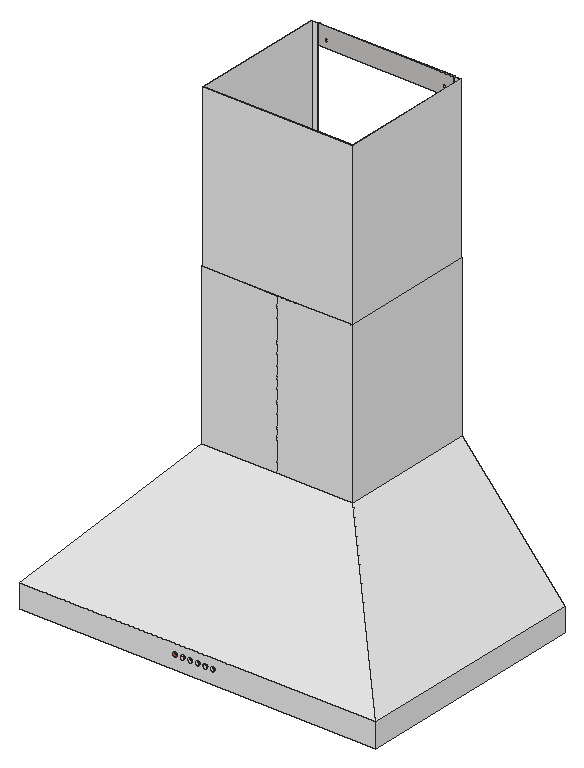
Revit family "FP_Revit_18_HC30PCW1_Rangehood_90001877A", category Specialty Equipment, Revit 2018
Family settings
  Round Connector Dimension = Use Diameter
  Part Type = Normal
  OmniClass Number = 23.40.40.00
  OmniClass Title = Food Service Equipment and Furnishings
  Work Plane-Based = No
  Always vertical = Yes
  Cut with Voids When Loaded = Yes
  Shared = No
  Room Calculation Point = No
Parameters (values of type "HC30PCW1")
  Visibility - Upper Chimney Extension [instance] = yes
  URL = "www.fisherpaykel.com"
  Product - Width = 755 mm  # constant formula
  Product - Height (636mm - 975mm) Ducted [instance] = 975 mm
  Product - Depth = 500 mm  # constant formula
  Model = "HC30PCW1"
  Material - COLOUR CHANGE = Fisher & Paykel - White
  Material - Buttons and Dials = Fisher & Paykel - Steel, Chrome Plated
  Material - Body = Fisher & Paykel - Stainless Steel
  Manufacturer = "Fisher & Paykel Appliances"
  FFL Offset [instance] = 1565 mm
  Description = "30\" Rangehood"
  Connector Description - Extraction = "6” (152 mm) diameter, rigid or semi-rigid ducting, 600 CFM"
  Connector Description - Electrical = "120 V, 60 Hz"
  Chassis - Width = 320 mm  # constant formula
  Chassis - Height = 298 mm  # constant formula
  Chassis - Depth = 290 mm  # constant formula
Types (5, lengths in mm): name | Model | Material - COLOUR CHANGE
  (no name) | "HC30PCW1" | Fisher & Paykel - White
  HC30PCB1 | "HC30PCB1" | Fisher & Paykel - Black
  HC30PCR1 | "HC30PCR1" | Fisher & Paykel - Red
  HC30PCX1 | "HC30PCX1" | Fisher & Paykel - Stainless Steel
  HC30PCW1 | "HC30PCW1" | Fisher & Paykel - White
Reference planes
  plane 1 "Datum": y = 0
  plane 2: z = 0
  plane 3 "Center (Left/Right)": x = 0
  plane 4 "Product - Height": z = 2540
  plane 5 "Product LHS": x = -377.5
  plane 6 "Product RHS": x = 377.5
  plane 7 "Product - Depth": y = -500
  plane 8 "Cavity LHS": x = -160
  plane 9 "Cavity RHS": x = 160
  plane 10 "Chassis - Depth": y = -290
  plane 11 "FFL Offset": z = 1565
  plane 12 "Chassis - Height": z = 1863
Forms (mm)
  Extrusion 1, solid, material "Fisher & Paykel - White" <- "Material - COLOUR CHANGE"
    sketch origin (0, 0, 0) x (1, 0, 0) y (0, 1, 0)
      loop
        line (-145, 0) -> (-160, 0) -> (-160, -290) -> (0, -290) -> (160, -290) -> (160, 0) -> (145, 0) -> (145, -1) -> (159, -1) -> (159, -289) -> (-159, -289) -> (-159, -1) -> (-145, -1) -> (-145, 0)
    from 1863 to 2200
  Extrusion 2, solid, material "Fisher & Paykel - White" <- "Material - COLOUR CHANGE", visible <- "Visibility - Upper Chimney Extension"
    sketch origin (0, 0, 0) x (1, 0, 0) y (0, 1, 0)
      loop
        line (-158, -2) -> (-145, -2) -> (-145, -1) -> (-159, -1) -> (-159, -289) -> (159, -289) -> (159, -1) -> (145, -1) -> (145, -2) -> (158, -2) -> (158, -288.044) -> (-158, -288.044) -> (-158, -2)
    from 2190 to 2540
  Extrusion 3, solid, material "Fisher & Paykel - Stainless Steel" <- "Material - Body"
    sketch origin (0, 0, 0) x (1, 0, 0) y (0, 1, 0)
      loop
        circle (0, -87.6) r 75
      loop
        circle (0, -87.6) r 74
    from 1850 to 1897.007
  Extrusion 4, solid, material "Fisher & Paykel - Stainless Steel" <- "Material - Body", visible <- "Visibility - Upper Chimney Extension"
    sketch origin (0, 0, 7) x (1, 0, 0) y (0, 0, 1)
      loop
        line (-145, 2491.596) -> (145, 2491.596) -> (145, 2533) -> (-145, 2533) -> (-145, 2491.596)
      loop
        circle (125, 2508) r 2.5
      loop
        circle (-125, 2508) r 2.5
    from 0 to 2
  Extrusion 5, solid, material "Fisher & Paykel - Steel, Chrome Plated" <- "Material - Buttons and Dials", detail levels fine
    sketch origin (0, 0, 565) x (1, 0, 0) y (0, 0, 1)
      loop
        circle (-32, 1029.1) r 3.958
      loop
        circle (-16, 1029.1) r 3.958
      loop
        circle (0, 1029.1) r 3.958
      loop
        circle (16, 1029.1) r 3.958
      loop
        circle (32, 1029.1) r 3.958
    from 501 to 500
  Extrusion 6, void
    sketch origin (0, 0, 0) x (1, 0, 0) y (0, 1, 0)
      loop
        line (-285.2, -479.9) -> (285.2, -479.9) -> (285.2, -89.9) -> (-285.2, -89.9) -> (-285.2, -479.9)
      loop
        circle (-207.5, -42) r 25
      loop
        circle (207.5, -42) r 25
    from 1565 to 1574
  Extrusion 7, solid, material "Fisher & Paykel - Stainless Steel" <- "Material - Body", detail levels fine
    sketch origin (0, 0, 0) x (1, 0, 0) y (0, 1, 0)
      loop
        line (0.5, -89.9) -> (0.5, -479.9) -> (285.2, -479.9) -> (285.2, -89.9) -> (0.5, -89.9)
      loop
        line (275.525, -469.9) -> (275.525, -99.9) -> (10.175, -99.9) -> (10.175, -469.9) -> (110.35, -469.9) -> (110.35, -409.9) -> (175.35, -409.9) -> (175.35, -469.9) -> (275.525, -469.9)
      loop
        line (127.25, -428.3) -> (127.25, -468.3) -> (158.45, -468.3) -> (158.45, -428.3) -> (127.25, -428.3)
      loop
        line (132.45, -433.5) -> (132.45, -463.1) -> (153.25, -463.1) -> (153.25, -433.5) -> (132.45, -433.5)
      loop
        line (132.65, -442.6) -> (132.65, -462.9) -> (153.05, -462.9) -> (153.05, -442.6) -> (132.65, -442.6)
      loop
        line (126.25, -427.3) -> (126.25, -469.3) -> (159.45, -469.3) -> (159.45, -427.3) -> (126.25, -427.3)
      loop
        line (-0.5, -89.9) -> (-285.2, -89.9) -> (-285.2, -479.9) -> (-0.5, -479.9) -> (-0.5, -89.9)
      loop
        line (-275.525, -469.9) -> (-175.35, -469.9) -> (-175.35, -409.9) -> (-110.35, -409.9) -> (-110.35, -469.9) -> (-10.175, -469.9) -> (-10.175, -99.9) -> (-275.525, -99.9) -> (-275.525, -469.9)
      loop
        line (-127.25, -428.3) -> (-158.45, -428.3) -> (-158.45, -468.3) -> (-127.25, -468.3) -> (-127.25, -428.3)
      loop
        line (-132.45, -433.5) -> (-153.25, -433.5) -> (-153.25, -463.1) -> (-132.45, -463.1) -> (-132.45, -433.5)
      loop
        line (-132.65, -442.6) -> (-153.05, -442.6) -> (-153.05, -462.9) -> (-132.65, -462.9) -> (-132.65, -442.6)
      loop
        line (-126.25, -427.3) -> (-159.45, -427.3) -> (-159.45, -469.3) -> (-126.25, -469.3) -> (-126.25, -427.3)
    from 1566 to 1574
  Extrusion 8, solid, material "Fisher & Paykel - Aluminium", detail levels medium+fine
    sketch origin (0, 0, 0) x (1, 0, 0) y (0, 1, 0)
      loop
        line (10.175, -99.9) -> (10.175, -469.9) -> (110.35, -469.9) -> (110.35, -409.9) -> (175.35, -409.9) -> (175.35, -469.9) -> (275.525, -469.9) -> (275.525, -99.9) -> (10.175, -99.9)
      loop
        line (-10.175, -99.9) -> (-275.525, -99.9) -> (-275.525, -469.9) -> (-175.35, -469.9) -> (-175.35, -409.9) -> (-110.35, -409.9) -> (-110.35, -469.9) -> (-10.175, -469.9) -> (-10.175, -99.9)
    from 1566 to 1574
  Extrusion 9, void
    sketch origin (0, 0, 0) x (1, 0, 0) y (0, 0, 1)
      loop
        line (-377.5, 1863) -> (-377.5, 1615) -> (-160, 1863) -> (-377.5, 1863)
      loop
        line (377.5, 1863) -> (160, 1863) -> (377.5, 1615) -> (377.5, 1863)
    from 0 to 500
  Extrusion 10, solid, material "Fisher & Paykel - White" <- "Material - COLOUR CHANGE"
    sketch origin (0, 0, 0) x (0, 1, 0) y (0, 0, 1)
      loop
        line (-500, 1565) -> (0, 1565) -> (0, 1863) -> (-290, 1863) -> (-500, 1615) -> (-500, 1565)
    from -377.5 to 377.5
  Extrusion 11, solid, material "Fisher & Paykel - Stainless Steel" <- "Material - Body", detail levels medium+fine
    sketch origin (0, 0, 0) x (1, 0, 0) y (0, 1, 0)
      loop
        circle (90.933, -33) r 3
    from 1897.007 to 1850
  Extrusion 12, solid, material "Fisher & Paykel - Steel, Chrome Plated" <- "Material - Buttons and Dials", detail levels medium+fine
    sketch origin (0, 0, 0) x (1, 0, 0) y (0, 1, 0)
      loop
        circle (-207.5, -42) r 25
      loop
        circle (-207.5, -42) r 22
      loop
        circle (207.5, -42) r 25
      loop
        circle (207.5, -42) r 22
    from 1565 to 1574
  Extrusion 13, solid, material "Fisher & Paykel - White Bezel", detail levels fine
    sketch origin (0, 0, 0) x (1, 0, 0) y (0, 1, 0)
      loop
        circle (-207.5, -42) r 22
      loop
        circle (207.5, -42) r 22
    from 1565 to 1574
  Extrusion 14, void
    sketch origin (0, 0, 0) x (1, 0, 0) y (0, 0, 1)
      loop
        circle (254, 1612) r 2.5
      loop
        circle (125, 1859) r 2.5
      loop
        circle (-254, 1610) r 2.5
      loop
        circle (-125, 1859) r 2.5
    from 0 to 7
  Extrusion 15, solid, material "Fisher & Paykel - Stainless Steel" <- "Material - Body"
    sketch origin (0, 0, 0) x (1, 0, 0) y (0, 0, 1)
      loop
        line (-145, 2183) -> (-145, 2143) -> (145, 2143) -> (145, 2183) -> (-145, 2183)
      loop
        circle (125, 2161) r 2.5
      loop
        circle (-125, 2161) r 2.5
    from 0 to 2
  Extrusion 16, void
    sketch origin (0, 0, 0) x (1, 0, 0) y (0, 1, 0)
      loop
        line (-159, -289) -> (159, -289) -> (159, -2) -> (-159, -2) -> (-159, -289)
    from 1850 to 1863
  Extrusion 17, solid, material "Fisher & Paykel - Bezel Red", detail levels fine
    sketch origin (0, 0, 0) x (1, 0, 0) y (0, 0, 1)
      loop
        circle (-48, 1594.1) r 4.044
    from 500 to 501
Cuts and joins
  Extrusion 6, Extrusion 9, Extrusion 14, Extrusion 16 cuts Extrusion 10
  joined: Extrusion 1, Extrusion 10
  Extrusion 14 cuts Extrusion 4
  Extrusion 14 cuts Extrusion 15
Text (mm)
  text "Due to ongoing product development, product details are subject to change without notice. \nPlease always refer to www.fisherpaykel.com for the most current product information. \n© Fisher & Paykel 2020" at (41.04, -1225.549, 0), in view "Ref. Level (Plan)"
Dimensions and locks
  equal spacing: plane 5 "Product LHS", plane 3 "Center (Left/Right)", plane 6 "Product RHS"
  equal spacing: plane 8 "Cavity LHS", plane 3 "Center (Left/Right)", plane 9 "Cavity RHS"
  "Chassis - Width": plane 8 "Cavity LHS" to plane 9 "Cavity RHS"
  locked: Extrusion 1 sketch curve to Extrusion 1 sketch curve at 1  (x3)
  "FFL Offset": plane 11 "FFL Offset" to level
  "Product - Height (636mm - 975mm) Ducted": plane 4 "Product - Height" to plane 11 "FFL Offset"
  locked: Extrusion 8 to plane 11 "FFL Offset" at 9
  locked: Extrusion 7 to plane 11 "FFL Offset" at 1
  locked: Extrusion 1 to plane 11 "FFL Offset" at 635
  "Chassis - Depth": plane 10 "Chassis - Depth" to plane 1 "Datum"
  "Product - Width": plane 5 "Product LHS" to plane 6 "Product RHS"
  "Product - Depth": plane 1 "Datum" to plane 7 "Product - Depth"
  "Chassis - Height": plane 12 "Chassis - Height" to plane 11 "FFL Offset"
  locked: plane 11 "FFL Offset" to Extrusion 14 sketch curve at 294
  locked: plane 4 "Product - Height" to Extrusion 2 at 350
  locked: Extrusion 3 to plane 11 "FFL Offset" at 332.007
  locked: plane 11 "FFL Offset" to cut or joined group of Extrusion 1, Extrusion 6, Extrusion 9, Extrusion 10, Extrusion 14, Extrusion 16 at 285
  locked: plane 11 "FFL Offset" to cut or joined group of Extrusion 14, Extrusion 15 at 596
  locked: plane 11 "FFL Offset" to cut or joined group of Extrusion 14, Extrusion 15 at 618
  locked: plane 11 "FFL Offset" to cut or joined group of Extrusion 14, Extrusion 15 at 578
  cut or joined group of Extrusion 4, Extrusion 14 to plane 4 "Product - Height" = 41.404 mm
  locked: cut or joined group of Extrusion 4, Extrusion 14 to plane 4 "Product - Height" at 25
  locked: plane 11 "FFL Offset" to cut or joined group of Extrusion 1, Extrusion 6, Extrusion 9, Extrusion 10, Extrusion 14, Extrusion 16 at 294
  locked: plane 11 "FFL Offset" to Extrusion 14 sketch curve at 47
  locked: plane 11 "FFL Offset" to cut or joined group of Extrusion 1, Extrusion 6, Extrusion 9, Extrusion 10, Extrusion 14, Extrusion 16 at 47
  locked: Extrusion 7 sketch curve to plane 3 "Center (Left/Right)" at 285.2
  locked: plane 3 "Center (Left/Right)" to Extrusion 7 sketch curve at 285.2
  aligned and locked: level to plane 2
  aligned and locked: Extrusion 1 sketch curve to plane 8 "Cavity LHS"
  aligned and locked: plane 9 "Cavity RHS" to Extrusion 1 sketch curve
  aligned and locked: plane 10 "Chassis - Depth" to Extrusion 1 sketch curve
  aligned and locked: plane 4 "Product - Height" to Extrusion 2
  aligned and locked: Extrusion 10 to plane 6 "Product RHS"
  aligned and locked: plane 5 "Product LHS" to Extrusion 10
  aligned and locked: Extrusion 7 to Extrusion 8  (x2)
  aligned and locked: Extrusion 6 to Extrusion 7
  aligned and locked: cut or joined group of Extrusion 1, Extrusion 6, Extrusion 9, Extrusion 10, Extrusion 14, Extrusion 16 to plane 11 "FFL Offset"
  aligned and locked: Extrusion 12 to Extrusion 7
  aligned and locked: Extrusion 13 to Extrusion 7
  aligned and locked: Extrusion 13 to plane 11 "FFL Offset"
  aligned and locked: Extrusion 12 to plane 11 "FFL Offset"
  aligned and locked: plane 4 "Product - Height" to Extrusion 4
  aligned and locked: Extrusion 1 to plane 12 "Chassis - Height"
  aligned and locked: plane 7 "Product - Depth" to Extrusion 5
  aligned and locked: plane 7 "Product - Depth" to Extrusion 17
  aligned and locked: Extrusion 16 to Extrusion 1
  aligned and locked: cut or joined group of Extrusion 1, Extrusion 6, Extrusion 9, Extrusion 10, Extrusion 14, Extrusion 16 to Extrusion 3
  aligned and locked: Extrusion 3 to Extrusion 11
  aligned and locked: cut or joined group of Extrusion 1, Extrusion 6, Extrusion 9, Extrusion 10, Extrusion 14, Extrusion 16 to Extrusion 11
  aligned and locked: cut or joined group of Extrusion 4, Extrusion 14 to Extrusion 2
  aligned and locked: cut or joined group of Extrusion 14, Extrusion 15 to Extrusion 2
  aligned and locked: Extrusion 8 sketch curve to Extrusion 7  (x2)
Automatic sketch dimensions
  Extrusion 2 sketch curve to plane 8 "Cavity LHS" = 1 mm
  Extrusion 2 sketch curve to Extrusion 2 sketch curve = 1 mm
  plane 1 "Datum" to Extrusion 2 sketch curve = 2 mm  (x2)
  Extrusion 2 sketch curve to Extrusion 2 sketch curve = 13 mm
  plane 9 "Cavity RHS" to Extrusion 2 sketch curve = 15 mm
  plane 9 "Cavity RHS" to Extrusion 2 sketch curve = 2 mm
  plane 9 "Cavity RHS" to Extrusion 2 sketch curve = 1 mm
  plane 10 "Chassis - Depth" to Extrusion 2 sketch curve = 1.956 mm
  plane 10 "Chassis - Depth" to Extrusion 2 sketch curve = 1 mm
  plane 1 "Datum" to Extrusion 2 sketch curve = 1 mm  (x2)
  Extrusion 4 sketch curve to plane 4 "Product - Height" = 0 mm
  Extrusion 4 sketch curve to plane 8 "Cavity LHS" = 15 mm
  Extrusion 4 sketch curve to plane 8 "Cavity LHS" = 35 mm
  plane 9 "Cavity RHS" to Extrusion 4 sketch curve = 35 mm
  plane 9 "Cavity RHS" to Extrusion 4 sketch curve = 15 mm
  Extrusion 4 sketch curve to plane 4 "Product - Height" = 25 mm  (x2)
  Extrusion 4 sketch curve to Extrusion 4 sketch curve = 16.404 mm
  Extrusion 6 sketch curve to plane 5 "Product LHS" = 92.3 mm
  plane 8 "Cavity LHS" to Extrusion 6 sketch curve = 47.5 mm
  plane 6 "Product RHS" to Extrusion 6 sketch curve = 92.3 mm
  plane 7 "Product - Depth" to Extrusion 6 sketch curve = 20.1 mm
  plane 1 "Datum" to Extrusion 6 sketch curve = 89.9 mm
  plane 1 "Datum" to Extrusion 6 sketch curve = 42 mm  (x2)
  plane 9 "Cavity RHS" to Extrusion 11 sketch curve = 69.067 mm
  plane 10 "Chassis - Depth" to Extrusion 11 sketch curve = 257 mm
  Extrusion 12 sketch curve to Extrusion 12 sketch curve = 0 mm  (x4)
  plane 8 "Cavity LHS" to Extrusion 12 sketch curve = 47.5 mm
  Extrusion 12 sketch curve to plane 9 "Cavity RHS" = 47.5 mm
  plane 1 "Datum" to Extrusion 12 sketch curve = 42 mm  (x2)
  plane 8 "Cavity LHS" to Extrusion 13 sketch curve = 47.5 mm
  Extrusion 13 sketch curve to plane 9 "Cavity RHS" = 47.5 mm
  plane 1 "Datum" to Extrusion 13 sketch curve = 42 mm  (x2)
  plane 11 "FFL Offset" to Extrusion 14 sketch curve = 45 mm
  plane 8 "Cavity LHS" to Extrusion 14 sketch curve = 94 mm
  Extrusion 14 sketch curve to plane 12 "Chassis - Height" = 4 mm
  Extrusion 14 sketch curve to plane 8 "Cavity LHS" = 35 mm
  plane 9 "Cavity RHS" to Extrusion 14 sketch curve = 35 mm
  Extrusion 14 sketch curve to plane 9 "Cavity RHS" = 94 mm
  Extrusion 15 sketch curve to plane 8 "Cavity LHS" = 15 mm
  Extrusion 15 sketch curve to plane 8 "Cavity LHS" = 35 mm
  plane 9 "Cavity RHS" to Extrusion 15 sketch curve = 35 mm
  plane 9 "Cavity RHS" to Extrusion 15 sketch curve = 15 mm
  plane 12 "Chassis - Height" to Extrusion 15 sketch curve = 280 mm
  Extrusion 15 sketch curve to Extrusion 15 sketch curve = 18 mm  (x2)
  Extrusion 15 sketch curve to Extrusion 15 sketch curve = 22 mm
  plane 1 "Datum" to Extrusion 1 sketch curve = 0 mm  (x2)
  Extrusion 1 sketch curve to plane 3 "Center (Left/Right)" = 0 mm
  plane 1 "Datum" to Extrusion 1 sketch curve = 1 mm  (x2)
  Extrusion 1 sketch curve to Extrusion 1 sketch curve = 14 mm  (x2)
  Extrusion 10 sketch curve to plane 7 "Product - Depth" = 0 mm
  Extrusion 10 sketch curve to plane 12 "Chassis - Height" = 0 mm
  Extrusion 10 sketch curve to plane 10 "Chassis - Depth" = 0 mm
  Extrusion 10 sketch curve to plane 1 "Datum" = 0 mm
  Extrusion 10 sketch curve to plane 11 "FFL Offset" = 0 mm
  Extrusion 10 sketch curve to Extrusion 10 sketch curve = 50 mm
  plane 5 "Product LHS" to Extrusion 9 sketch curve = 0 mm
  plane 8 "Cavity LHS" to Extrusion 9 sketch curve = 0 mm
  plane 9 "Cavity RHS" to Extrusion 9 sketch curve = 0 mm
  plane 6 "Product RHS" to Extrusion 9 sketch curve = 0 mm
  Extrusion 9 sketch curve to plane 12 "Chassis - Height" = 0 mm  (x2)
  plane 11 "FFL Offset" to Extrusion 9 sketch curve = 50 mm  (x2)
  Extrusion 5 sketch curve to plane 3 "Center (Left/Right)" = 0 mm
  Extrusion 5 sketch curve to plane 3 "Center (Left/Right)" = 16 mm
  Extrusion 5 sketch curve to Extrusion 5 sketch curve = 16 mm  (x3)
  plane 11 "FFL Offset" to Extrusion 5 sketch curve = 29.1 mm
  Extrusion 5 sketch curve to Extrusion 5 sketch curve = 0 mm  (x4)
  Extrusion 17 sketch curve to plane 3 "Center (Left/Right)" = 48 mm
  plane 11 "FFL Offset" to Extrusion 17 sketch curve = 29.1 mm
  Extrusion 3 sketch curve to Extrusion 3 sketch curve = 0 mm  (x2)
  plane 1 "Datum" to Extrusion 3 sketch curve = 87.6 mm
  plane 6 "Product RHS" to Extrusion 3 sketch curve = 377.5 mm
  plane 1 "Datum" to Extrusion 16 sketch curve = 2 mm
  Extrusion 16 sketch curve to plane 8 "Cavity LHS" = 1 mm
  plane 9 "Cavity RHS" to Extrusion 16 sketch curve = 1 mm
  plane 10 "Chassis - Depth" to Extrusion 16 sketch curve = 1 mm
  plane 7 "Product - Depth" to Extrusion 7 sketch curve = 20.1 mm
  Extrusion 7 sketch curve to Extrusion 7 sketch curve = 9.675 mm  (x2)
  plane 8 "Cavity LHS" to Extrusion 7 sketch curve = 15.35 mm
  Extrusion 7 sketch curve to plane 8 "Cavity LHS" = 0.55 mm
  Extrusion 7 sketch curve to Extrusion 7 sketch curve = 1 mm  (x7)
  Extrusion 7 sketch curve to plane 8 "Cavity LHS" = 6.75 mm
  Extrusion 7 sketch curve to plane 8 "Cavity LHS" = 6.95 mm
  Extrusion 7 sketch curve to Extrusion 7 sketch curve = 20.4 mm
  Extrusion 7 sketch curve to Extrusion 7 sketch curve = 0.2 mm  (x4)
  Extrusion 7 sketch curve to Extrusion 7 sketch curve = 5.2 mm  (x6)
  Extrusion 7 sketch curve to Extrusion 7 sketch curve = 15.9 mm  (x2)
  Extrusion 7 sketch curve to plane 3 "Center (Left/Right)" = 10.175 mm
  Extrusion 7 sketch curve to plane 3 "Center (Left/Right)" = 0.5 mm
  plane 3 "Center (Left/Right)" to Extrusion 7 sketch curve = 0.5 mm
  plane 3 "Center (Left/Right)" to Extrusion 7 sketch curve = 10.175 mm
  plane 9 "Cavity RHS" to Extrusion 7 sketch curve = 49.65 mm
  plane 9 "Cavity RHS" to Extrusion 7 sketch curve = 6.95 mm
  plane 9 "Cavity RHS" to Extrusion 7 sketch curve = 6.75 mm
  plane 9 "Cavity RHS" to Extrusion 7 sketch curve = 1.55 mm
  plane 9 "Cavity RHS" to Extrusion 7 sketch curve = 0.55 mm
  Extrusion 7 sketch curve to plane 9 "Cavity RHS" = 15.35 mm
  Extrusion 7 sketch curve to Extrusion 7 sketch curve = 0 mm
  Extrusion 7 sketch curve to Extrusion 7 sketch curve = 10 mm  (x6)
  Extrusion 7 sketch curve to Extrusion 7 sketch curve = 0.6 mm  (x2)
  Extrusion 7 sketch curve to Extrusion 7 sketch curve = 20.3 mm  (x2)
  Extrusion 7 sketch curve to Extrusion 7 sketch curve = 9.1 mm  (x2)
  Extrusion 7 sketch curve to Extrusion 7 sketch curve = 17.4 mm  (x2)
  plane 1 "Datum" to Extrusion 7 sketch curve = 99.9 mm  (x2)
  plane 8 "Cavity LHS" to Extrusion 8 sketch curve = 15.35 mm
  Extrusion 8 sketch curve to plane 8 "Cavity LHS" = 49.65 mm
  Extrusion 8 sketch curve to plane 3 "Center (Left/Right)" = 10.175 mm
  plane 3 "Center (Left/Right)" to Extrusion 8 sketch curve = 10.175 mm
  plane 9 "Cavity RHS" to Extrusion 8 sketch curve = 49.65 mm
  Extrusion 8 sketch curve to plane 9 "Cavity RHS" = 15.35 mm
  plane 7 "Product - Depth" to Extrusion 8 sketch curve = 30.1 mm  (x4)
  Extrusion 8 sketch curve to Extrusion 8 sketch curve = 60 mm  (x2)
  plane 1 "Datum" to Extrusion 8 sketch curve = 99.9 mm
  Extrusion 8 sketch curve to Extrusion 8 sketch curve = 0 mm
  Extrusion 6 sketch curve to plane 9 "Cavity RHS" = 47.5 mm
  radius of Extrusion 4 sketch curve = 2.5 mm  (x2)
  radius of Extrusion 6 sketch curve = 25 mm  (x2)
  radius of Extrusion 11 sketch curve = 3 mm
  radius of Extrusion 12 sketch curve = 25 mm  (x2)
  radius of Extrusion 12 sketch curve = 22 mm  (x2)
  radius of Extrusion 13 sketch curve = 22 mm  (x2)
  radius of Extrusion 14 sketch curve = 2.5 mm  (x4)
  radius of Extrusion 15 sketch curve = 2.5 mm  (x2)
  radius of Extrusion 5 sketch curve = 3.958 mm  (x5)
  radius of Extrusion 17 sketch curve = 4.044 mm
  radius of Extrusion 3 sketch curve = 75 mm
  radius of Extrusion 3 sketch curve = 74 mm
Connectors
  hvac at (0, -87.6, 1897.007), driven by "Connector Description - Extraction"
    settings: on Extrusion 3, index 1, duct flow 0.0 L/s, flow factor 0, pres drop 0.0 Pa, loss coef 0, conn angle 0.00°, conn width 304.8 mm, conn height 304.8 mm, conn diameter 150 mm, duct sys type 4, conn prof type 0, flow config 0, flow direction 2, loss method 0, conn ref index -1, conn util no, is conn primary yes, conn desc "6” (152 mm) diameter, rigid or semi-rigid ducting, 600 CFM"
  electrical at (90.933, -33, 1850), driven by "Connector Description - Electrical"
    settings: on Extrusion 11, index 2, voltage 120 V, apparent load 0 VA, apparent load phase1 0 VA, apparent load phase2 0 VA, apparent load phase3 0 VA, power factor 1, load classification "Other", number of poles 1, system type 30, power factor state 1, is connector primary yes, connector utility no, sub classification motor no, connector description "120 V, 60 Hz"
